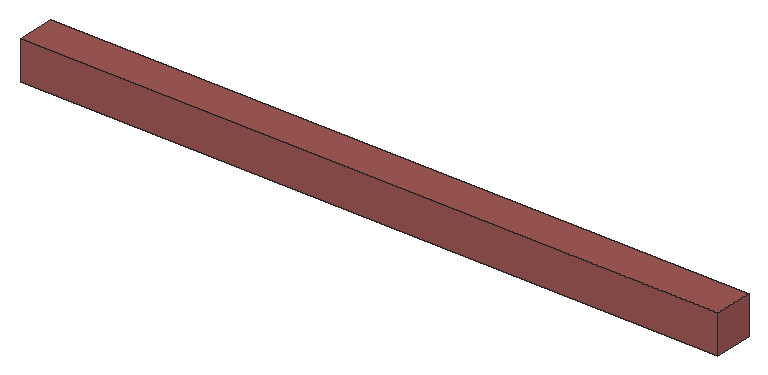
Revit family "Vertical Frame - Ladder", category Generic Models, Revit 2025
Family settings
  Can host rebar = No
  Round Connector Dimension = Use Diameter
  Part Type = Normal
  Work Plane-Based = No
  Always vertical = Yes
  Cut with Voids When Loaded = No
  Maintain Annotation Orientation = No
  Shared = No
  Room Calculation Point = No
Parameters
  Ladder Size = 50 mm
  Ladder Material = Working Scaffold - Metal Red
  Ladder Length = 900 mm
  Default Elevation = 0 mm
Reference planes
  plane 1 "Center (Front/Back)": y = 0
  plane 2: z = 0
  plane 3 "Center (Left/Right)": x = 0
Forms (mm)
  Extrusion 1, solid, material "Working Scaffold - Metal Red" <- "Ladder Material"
    sketch origin (0, 0, 0) x (0, 1, 0) y (0, 0, 1)
      loop
        line (25, 25) -> (-25, 25) -> (-25, -25) -> (25, -25) -> (25, 25)
    from 0 to 900 <- "Ladder Length"
Dimensions and locks
  "Ladder Size": Extrusion 1 sketch curve to Extrusion 1 sketch curve  (x2)
  equal spacing: Extrusion 1 sketch curve, plane 1 "Center (Front/Back)", Extrusion 1 sketch curve
  equal spacing: Extrusion 1 sketch curve, level, Extrusion 1 sketch curve
  aligned and locked: level to plane 2
  aligned and locked: Extrusion 1 to plane 3 "Center (Left/Right)"
